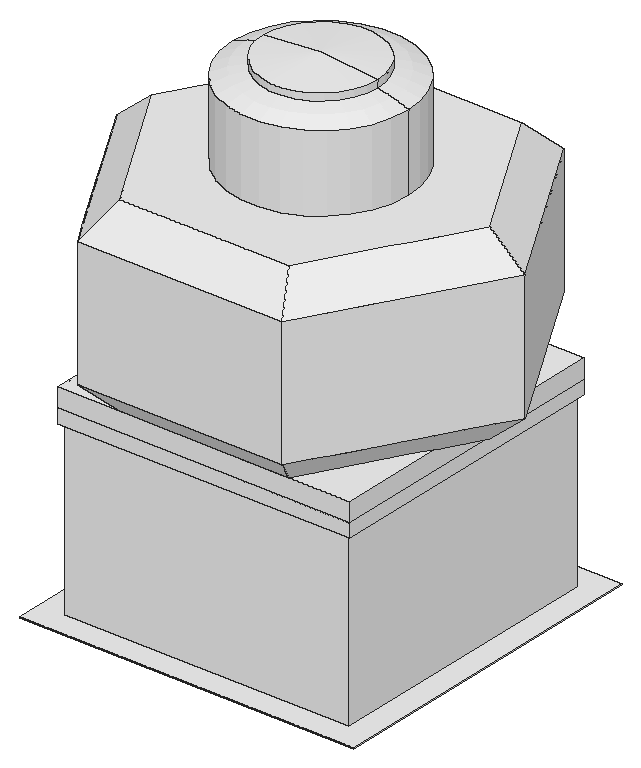
Revit family "HARMANN - MOVO_EX", category Mechanical Equipment, Revit 2022
Family settings
  Round Connector Dimension = Use Diameter
  Part Type = Normal
  OmniClass Number = 23.75.00.00
  OmniClass Title = Climate Control (HVAC)
  Work Plane-Based = No
  Always vertical = Yes
  Cut with Voids When Loaded = No
  Maintain Annotation Orientation = No
  Shared = No
  Room Calculation Point = No
Parameters (values of type "MOVO.S 4-450/6100T EX")
  a Spr [instance] = if(Brak podstawy, 0.00 mm, a)  # 30.00 mm
  a [instance] = 30.00 mm
  Zasilanie natężenie maksymalne Imax = 2.5 A
  Zasilanie napięcie nominalne Unom = 400 V
  Wysokość podstawy dachowej PR Spr [instance] = if(Brak podstawy, a, if(Podstawa dachowa PR, Wysokość podstawy dachowej PR, Wysokość podstawy dachowej PR))  # 400.00 mm
  Wysokość podstawy dachowej PR [instance] = size_lookup(Lookup Table Name, "Wysokość podstawy dachowej PR", 1.00 mm, N1)  # 400.00 mm
  Wysokość SL Spr [instance] = if((Czy Klapa zwrotna SL), Wysokość SL, 0.00 mm)  # 220.00 mm
  Wysokość SL [instance] = size_lookup(Lookup Table Name, "Wysokość SL", 1.00 mm, N1)  # 220.00 mm
  Wysokość EP Spr [instance] = if((Czy Złącze Elastyczne EP), Wysokość EP, 0.00 mm)  # 120.00 mm
  Wysokość EP [instance] = size_lookup(Lookup Table Name, "Wysokość EP", 1.00 mm, N1)  # 120.00 mm
  Wysokość D Spr [instance] = if(Brak podstawy, Wysokość D, if(and((Czy Klapa zwrotna SL), (Czy Złącze Elastyczne EP)), Wysokość D + Wysokość SL Spr + Wysokość EP Spr, if((Czy Klapa zwrotna SL), Wysokość D + Wysokość SL Spr, if(Czy Złącze Elastyczne EP, Wysokość D + Wysokość EP Spr, Wysokość D))))  # 353.50 mm
  Wysokość D [instance] = size_lookup(Lookup Table Name, "Wysokość D", 1.00 mm, N1)  # 13.50 mm
  Wybierz podstawę dachową [instance] = "Wybierz podstawę dachową lub brak podstawy"  # constant formula
  Wybierz Akcesoria [instance] = "Zaznacz wybrane akcesoria tylko dla podstawy dachowej PR"  # constant formula
  Rzeczywista Wartość Przepływu [instance] = Podaj Rzeczywistą Wartość Przepływu  # 0.00 m³/h
  Podstawa B = Podstawa : Podstawa PR
  Podstawa A = Podstawa : Brak podstawy
  Podaj Rzeczywistą Wartość Przepływu [instance] = 0.00 m³/h
  Opc Podstawa Dachowa PR = Podstawa : Podstawa PR
  Opc Brak podstawy = Podstawa : Brak podstawy
  Czy Podstawa Dachowa [instance] = Podstawa : Podstawa PR
  N1 = 1 mm
  Lookup Table Name = "MOVO"
  Czy Klapa zwrotna SL [instance] = yes
  Złożenie domyślne bez akcesoriów [instance] = not(Brak podstawy)  # yes
  Podstawa dachowa PR [instance] = Czy Podstawa Dachowa = Opc Podstawa Dachowa PR  # yes
  Klasa ATEX = "Ex II 2G c IIB T4"
  MOVO S = HARMANN - Akcesoria - MOVO_S EX : MOVO.S 4-450/6100T EX
  Zasilanie Moc maksymalna Pmax = 1100 W
  Zasilanie Ilość faz = 3
  Zasilanie Częstotliwość Nominalna fnom = 50 Hz  # constant formula
  Zasilanie Częstotliwość Minimalna fmin = 30 Hz
  Zasilanie Częstotliwość Maksymalna fmax = 50 Hz
  Powietrze ciśnienie statyczne maksymalne dPmax = 590.0 Pa
  Powietrze Przepływ Maksymalny Qmax = 6100.00 m³/h
  Obroty nominalne nnom = 1410.000 RPM
  Numer artykułu = size_lookup(Lookup Table Name, "Numer artykułu", "n/a", N1)  # "78251993"
  Model = size_lookup(Lookup Table Name, "Model", "n/a", N1)  # "MOVO.S 4-450/6100T EX"
  Moc akustyczna nominalna obudowa Lwa = "84 dB(A)"
  Masa mmax = 86.00 kg
  Masa = 56.00 kg
  Manufacturer = "Harmann Polska Sp. z o.o."  # constant formula
  Temperatura pracy ciągłej maksymalna T = 40 °C
  Description = "Dachowy wentylator z wyrzutem poziomym"  # constant formula
  Default Elevation = 0.00 mm
  DN = 400.00 mm
  Czy Kołnierz D [instance] = 1 = 1  # yes
  Ciśnienie akustyczne nominalne obudowa Lpa = "55 dB(A)"
  Czy Złącze Elastyczne EP [instance] = yes
  Brak podstawy [instance] = Czy Podstawa Dachowa = Opc Brak podstawy  # no
  Autor = "https://www.archispace.com/"
  Akc SL = HARMANN - Akcesoria - SL : SL 400
  Akc PR = HARMANN - Akcesoria - PR : PR 450/400
  Akc EP = HARMANN - Akcesoria - EP : EP 400
  Akc D = HARMANN - Akcesoria - D : D 400s
Types (12, lengths in mm): name | a Spr | a | Zasilanie natężenie maksymalne Imax | Wysokość podstawy dachowej PR Spr | Wysokość podstawy dachowej PR | Wysokość SL Spr | Wysokość SL | Wysokość EP Spr | Wysokość EP | Wysokość D Spr | Wysokość D | N1 | Klasa ATEX | MOVO S | Zasilanie Moc maksymalna Pmax | Powietrze ciśnienie statyczne maksymalne dPmax | Powietrze Przepływ Maksymalny Qmax | Obroty nominalne nnom | Numer artykułu | Model | Moc akustyczna nominalna obudowa Lwa | Masa mmax | Masa | DN | Ciśnienie akustyczne nominalne obudowa Lpa | Akc SL | Akc PR | Akc EP | Akc D
  MOVO.S 4-450/6100T EX | 30.00 | 30.00 | 2.5 A | 400.00 | 400.00 | 220.00 | 220.00 | 120.00 | 120.00 | 353.50 | 13.50 | 1 | "Ex II 2G c IIB T4" | HARMANN - Akcesoria - MOVO_S EX : MOVO.S 4-450/6100T EX | 1100 W | 590.0 Pa | 6100.00 m³/h | 1410.000 RPM | "78251993" | "MOVO.S 4-450/6100T EX" | "84 dB(A)" | 86.00 kg | 56.00 kg | 400.00 | "55 dB(A)" | HARMANN - Akcesoria - SL : SL 400 | HARMANN - Akcesoria - PR : PR 450/400 | HARMANN - Akcesoria - EP : EP 400 | HARMANN - Akcesoria - D : D 400s
  MOVO.S 6-450/4000T EX | 40.00 | 40.00 | 1.2 A | 400.00 | 400.00 | 220.00 | 220.00 | 120.00 | 120.00 | 353.50 | 13.50 | 2 | "Ex II 2G c IIB T5" | HARMANN - Akcesoria - MOVO_S EX : MOVO.S 6-450/4000T EX | 370 W | 260.0 Pa | 4000.00 m³/h | 920.000 RPM | "78251994" | "MOVO.S 6-450/4000T EX" | "75 dB(A)" | 86.00 kg | 56.00 kg | 400.00 | "56 dB(A)" | HARMANN - Akcesoria - SL : SL 400 | HARMANN - Akcesoria - PR : PR 450/400 | HARMANN - Akcesoria - EP : EP 400 | HARMANN - Akcesoria - D : D 400s
  MOVO.S 4-500/8000T EX | 40.00 | 40.00 | 3.5 A | 400.00 | 400.00 | 250.00 | 250.00 | 120.00 | 120.00 | 385.00 | 15.00 | 3 | "Ex II 2G c IIB T6" | HARMANN - Akcesoria - MOVO_S EX : MOVO.S 4-500/8000T EX | 1600 W | 730.0 Pa | 8000.00 m³/h | 1410.000 RPM | "78251995" | "MOVO.S 4-500/8000T EX" | "87 dB(A)" | 115.00 kg | 75.00 kg | 450.00 | "68 dB(A)" | HARMANN - Akcesoria - SL : SL 450 | HARMANN - Akcesoria - PR : PR 500/450 | HARMANN - Akcesoria - EP : EP 450 | HARMANN - Akcesoria - D : D 450s
  MOVO.S 6-500/5400T EX | 40.00 | 40.00 | 1.5 A | 400.00 | 400.00 | 250.00 | 250.00 | 120.00 | 120.00 | 385.00 | 15.00 | 4 | "Ex II 2G c IIB T7" | HARMANN - Akcesoria - MOVO_S EX : MOVO.S 6-500/5400T EX | 550 W | 330.0 Pa | 5400.00 m³/h | 915.000 RPM | "78251996" | "MOVO.S 6-500/5400T EX" | "77 dB(A)" | 115.00 kg | 75.00 kg | 450.00 | "58 dB(A)" | HARMANN - Akcesoria - SL : SL 450 | HARMANN - Akcesoria - PR : PR 500/450 | HARMANN - Akcesoria - EP : EP 450 | HARMANN - Akcesoria - D : D 450s
  MOVO.S 6-560/7900T EX | 40.00 | 40.00 | 3.7 A | 400.00 | 400.00 | 280.00 | 280.00 | 150.00 | 150.00 | 447.00 | 17.00 | 5 | "Ex II 2G c IIB T8" | HARMANN - Akcesoria - MOVO_S EX : MOVO.S 6-560/7900T EX | 1500 W | 440.0 Pa | 7900.00 m³/h | 930.000 RPM | "78251998" | "MOVO.S 6-560/7900T EX" | "81 dB(A)" | 140.00 kg | 100.00 kg | 500.00 | "62 dB(A)" | HARMANN - Akcesoria - SL : SL 560 | HARMANN - Akcesoria - PR : PR 560/500 | HARMANN - Akcesoria - EP : EP 500 | HARMANN - Akcesoria - D : D 500s
  MOVO.S 4-560/11900T EX | 40.00 | 40.00 | 7 A | 400.00 | 400.00 | 280.00 | 280.00 | 150.00 | 150.00 | 447.00 | 17.00 | 6 | "Ex II 2G c IIB T9" | HARMANN - Akcesoria - MOVO_S EX : MOVO.S 4-560/11900T EX | 3200 W | 980.0 Pa | 11900.00 m³/h | 1400.000 RPM | "78251997" | "MOVO.S 4-560/11900T EX" | "90 dB(A)" | 140.00 kg | 100.00 kg | 500.00 | "71 dB(A)" | HARMANN - Akcesoria - SL : SL 500 | HARMANN - Akcesoria - PR : PR 560/500 | HARMANN - Akcesoria - EP : EP 500 | HARMANN - Akcesoria - D : D 500s
  MOVO.S 4-630/17300T EX | 40.00 | 40.00 | 11 A | 400.00 | 400.00 | 310.00 | 310.00 | 150.00 | 150.00 | 479.00 | 19.00 | 7 | "Ex II 2G c IIB T10" | HARMANN - Akcesoria - MOVO_S EX : MOVO.S 4-630/17300T EX | 5500 W | 1210.0 Pa | 17300.00 m³/h | 1440.000 RPM | "78251999" | "MOVO.S 4-630/17300T EX" | "94 dB(A)" | 200.00 kg | 155.00 kg | 560.00 | "75 dB(A)" | HARMANN - Akcesoria - SL : SL 560 | HARMANN - Akcesoria - PR : PR 630/560 | HARMANN - Akcesoria - EP : EP 560 | HARMANN - Akcesoria - D : D 560s
  MOVO.S 6-630/11500T EX | 40.00 | 40.00 | 5.1 A | 400.00 | 400.00 | 310.00 | 310.00 | 150.00 | 150.00 | 479.00 | 19.00 | 8 | "Ex II 2G c IIB T11" | HARMANN - Akcesoria - MOVO_S EX : MOVO.S 6-630/11500T EX | 2200 W | 540.0 Pa | 11500.00 m³/h | 940.000 RPM | "78252000" | "MOVO.S 6-630/11500T EX" | "85 dB(A)" | 200.00 kg | 155.00 kg | 560.00 | "66 dB(A)" | HARMANN - Akcesoria - SL : SL 560 | HARMANN - Akcesoria - PR : PR 630/560 | HARMANN - Akcesoria - EP : EP 560 | HARMANN - Akcesoria - D : D 560s
  MOVO.S 4-710/20800T EX | 40.00 | 40.00 | 14 A | 500.00 | 500.00 | 350.00 | 350.00 | 150.00 | 150.00 | 521.50 | 21.50 | 9 | "Ex II 2G c IIB T12" | HARMANN - Akcesoria - MOVO_S EX : MOVO.S 4-710/20800T EX | 7500 W | 1340.0 Pa | 20800.00 m³/h | 1450.000 RPM | "78252001" | "MOVO.S 4-710/20800T EX" | "97 dB(A)" | 360.00 kg | 270.00 kg | 630.00 | "78 dB(A)" | HARMANN - Akcesoria - SL : SL 630 | HARMANN - Akcesoria - PR : PR 710/630 | HARMANN - Akcesoria - EP : EP 630 | HARMANN - Akcesoria - D : D 630s
  MOVO.S 6-710/14000T EX | 40.00 | 40.00 | 7 A | 500.00 | 500.00 | 350.00 | 350.00 | 150.00 | 150.00 | 521.50 | 21.50 | 10 | "Ex II 2G c IIB T13" | HARMANN - Akcesoria - MOVO_S EX : MOVO.S 6-710/14000T EX | 3000 W | 610.0 Pa | 14000.00 m³/h | 980.000 RPM | "78252002" | "MOVO.S 6-710/14000T EX" | "87 dB(A)" | 350.00 kg | 260.00 kg | 630.00 | "68 dB(A)" | HARMANN - Akcesoria - SL : SL 630 | HARMANN - Akcesoria - PR : PR 710/630 | HARMANN - Akcesoria - EP : EP 630 | HARMANN - Akcesoria - D : D 630s
  MOVO.S 4-800/35000T EX | 40.00 | 40.00 | 29 A | 500.00 | 500.00 | 400.00 | 400.00 | 150.00 | 150.00 | 574.50 | 24.50 | 11 | "Ex II 2G c IIB T14" | HARMANN - Akcesoria - MOVO_S EX : MOVO.S 4-800/35000T EX | 15000 W | 1890.0 Pa | 35000.00 m³/h | 1460.000 RPM | "78252003" | "MOVO.S 4-800/35000T EX" | "101 dB(A)" | 530.00 kg | 420.00 kg | 710.00 | "82 dB(A)" | HARMANN - Akcesoria - SL : SL 710 | HARMANN - Akcesoria - PR : PR 710/630 | HARMANN - Akcesoria - EP : EP 710 | HARMANN - Akcesoria - D : D 710s
  MOVO.S 6-800/22900T EX | 40.00 | 40.00 | 12 A | 500.00 | 500.00 | 400.00 | 400.00 | 150.00 | 150.00 | 574.50 | 24.50 | 12 | "Ex II 2G c IIB T13" | HARMANN - Akcesoria - MOVO_S EX : MOVO.S 6-800/22900T EX | 5500 W | 810.0 Pa | 22900.00 m³/h | 960.000 RPM | "78252004" | "MOVO.S 6-800/22900T EX" | "92 dB(A)" | 480.00 kg | 370.00 kg | 710.00 | "73 dB(A)" | HARMANN - Akcesoria - SL : SL 710 | HARMANN - Akcesoria - PR : PR 800/710 | HARMANN - Akcesoria - EP : EP 710 | HARMANN - Akcesoria - D : D 710s
Reference planes
  plane 1 "Center (Front/Back)": y = 0
  plane 2: z = 0
  plane 3 "Center (Left/Right)": x = 0
  plane 4: z = 400
  plane 5: z = 0
  plane 6: z = 0
  plane 7: z = 180
  plane 8: z = 60
  plane 9: z = 46.5
Dimensions and locks
  "Wysokość podstawy dachowej PR Spr": plane 4 to level
  "Wysokość SL Spr": plane 7 to plane 4
  "Wysokość EP Spr": plane 8 to plane 7
  "Wysokość D Spr": plane 9 to plane 4
  aligned and locked: level to plane 2
  aligned and locked: nested 1 to plane 1 "Center (Front/Back)"
  aligned and locked: plane 3 "Center (Left/Right)" to nested 2
  aligned and locked: plane 1 "Center (Front/Back)" to nested 2
  aligned and locked: plane 3 "Center (Left/Right)" to nested 3
  aligned and locked: plane 1 "Center (Front/Back)" to nested 3
  aligned and locked: plane 7 to nested 2
  aligned and locked: plane 8 to nested 3
  aligned and locked: nested 4 to plane 1 "Center (Front/Back)"
  aligned and locked: nested 4 to plane 3 "Center (Left/Right)"
  aligned and locked: nested 4 to plane 9
  aligned and locked: plane 3 "Center (Left/Right)" to nested 5
  aligned and locked: plane 1 "Center (Front/Back)" to nested 5
  aligned and locked: nested 1 to plane 4
Nested families
  nested 1: "HARMANN - Akcesoria - MOVO_S EX" at (0, 0, 370) x (0, 1, 0) z (0, 0, 1), type <- "MOVO S", type "MOVO.S 4-450/6100T EX"
  nested 2: "HARMANN - Akcesoria - SL" at (0, 0, 180), visible <- "Czy Klapa zwrotna SL", type <- "Akc SL", Vis Komponent <- "Złożenie domyślne bez akcesoriów", type "SL 400"
    with Vis Komponent yes
  nested 3: "HARMANN - Akcesoria - EP" at (0, 0, 60), visible <- "Czy Złącze Elastyczne EP", type <- "Akc EP", Vis Komponent <- "Złożenie domyślne bez akcesoriów", type "EP 400"
    with Vis Komponent yes
  nested 4: "HARMANN - Akcesoria - D" at (0, 0, 60) x (1, 0, 0) z (0, 0, -1), visible <- "Czy Kołnierz D", type <- "Akc D", type "D 400s"
    with Vis Komponent yes
  nested 5: "HARMANN - Akcesoria - PR" at (0, 0, 0), visible <- "Podstawa dachowa PR", type <- "Akc PR", type "PR 450/400"
Connectors
  electrical at (0, 0, 440), driven by "Zasilanie Ilość faz", driven by "Zasilanie napięcie nominalne Unom", driven by "Zasilanie Moc maksymalna Pmax"
    settings: on nested 1, index 2, voltage 400 V, apparent load 1100 VA, apparent load phase1 0 VA, apparent load phase2 0 VA, apparent load phase3 0 VA, power factor 1, load classification "Other", number of poles 3, system type 30, power factor state 1, is connector primary yes, connector utility no, sub classification motor no, connector description ""
  hvac at (0, 0, 60), driven by "DN", driven by "Rzeczywista Wartość Przepływu"
    settings: on nested 4, index 3, duct flow 0.00 m³/h, flow factor 0, pres drop 0.0 Pa, loss coef 0, conn angle 0.00°, conn width 304.8 mm, conn height 304.8 mm, conn diameter 400 mm, duct sys type 29, conn prof type 0, flow config 0, flow direction 1, loss method 0, conn ref index -1, conn util no, is conn primary yes, conn desc ""
Definition of nested family "HARMANN - Akcesoria - MOVO_S EX"
  Parameters (values of type "MOVO.S 4-450/6100T EX")
    r2 = size_lookup(Lookup Table Name, "r2", 1.00 mm, N1)  # 123.50 mm
    r = size_lookup(Lookup Table Name, "r", 1.00 mm, N1)  # 189.50 mm
    i = 30.00 mm
    h = size_lookup(Lookup Table Name, "h", 1.00 mm, N1)  # 66.00 mm
    c = 76.00 mm
    b = size_lookup(Lookup Table Name, "b", 1.00 mm, N1)  # 440.00 mm
    a = size_lookup(Lookup Table Name, "a", 1.00 mm, N1)  # 364.00 mm
    Numer artykułu = size_lookup(Lookup Table Name, "Numer artykułu", "n/a", N1)  # "78251993"
    N1 = 1 mm
    Model = size_lookup(Lookup Table Name, "Model", "n/a", N1)  # "MOVO.S 4-450/6100T EX"
    Manufacturer = "Harmann Polska Sp. z o.o."  # constant formula
    Lookup Table Name = "MOVO S"
    K = size_lookup(Lookup Table Name, "K", 1.00 mm, N1)  # 480.00 mm
    H = size_lookup(Lookup Table Name, "H", 1.00 mm, N1)  # 690.00 mm
    G = size_lookup(Lookup Table Name, "G", 1.00 mm, N1)  # 40.00 mm
    F = size_lookup(Lookup Table Name, "F", 1.00 mm, N1)  # 762.00 mm
    Dk = size_lookup(Lookup Table Name, "Dk", 1.00 mm, N1)  # 438.00 mm
    Default Elevation = 0.00 mm
    E = size_lookup(Lookup Table Name, "E", 1.00 mm, N1)  # 880.00 mm
    B = size_lookup(Lookup Table Name, "B", 1.00 mm, N1)  # 630.00 mm
    Autor = "https://www.archispace.com/"
    D = size_lookup(Lookup Table Name, "D", 1.00 mm, N1)  # 400.00 mm
    710 i 800 = no
    450 500 560 630 = yes
  Types (12, lengths in mm): name | r2 | r | i | h | c | b | a | Numer artykułu | N1 | Model | K | H | G | F | Dk | E | B | D | 710 i 800 | 450 500 560 630
    MOVO.S 4-450/6100T EX | 123.50 | 189.50 | 30.00 | 66.00 | 76.00 | 440.00 | 364.00 | "78251993" | 1 | "MOVO.S 4-450/6100T EX" | 480.00 | 690.00 | 40.00 | 762.00 | 438.00 | 880.00 | 630.00 | 400.00 | no | yes
    MOVO.S 6-450/4000T EX | 123.50 | 189.50 | 30.00 | 66.00 | 76.00 | 440.00 | 364.00 | "78251994" | 2 | "MOVO.S 6-450/4000T EX" | 480.00 | 690.00 | 40.00 | 762.00 | 438.00 | 880.00 | 630.00 | 400.00 | no | yes
    MOVO.S 4-500/8000T EX | 123.50 | 189.50 | 40.00 | 69.50 | 80.00 | 490.00 | 410.50 | "78251995" | 3 | "MOVO.S 4-500/8000T EX" | 530.00 | 730.00 | 40.00 | 849.00 | 487.00 | 980.00 | 710.00 | 450.00 | no | yes
    MOVO.S 6-500/5400T EX | 123.50 | 189.50 | 40.00 | 69.50 | 80.00 | 490.00 | 410.50 | "78251996" | 4 | "MOVO.S 6-500/5400T EX" | 530.00 | 730.00 | 40.00 | 849.00 | 487.00 | 980.00 | 710.00 | 450.00 | no | yes
    MOVO.S 6-560/7900T EX | 123.50 | 217.00 | 40.00 | 75.50 | 88.00 | 550.00 | 462.00 | "78251998" | 5 | "MOVO.S 6-560/7900T EX" | 570.00 | 780.00 | 40.00 | 953.00 | 605.00 | 1100.00 | 800.00 | 500.00 | no | yes
    MOVO.S 4-560/11900T EX | 123.50 | 217.00 | 40.00 | 75.50 | 88.00 | 550.00 | 462.00 | "78251997" | 6 | "MOVO.S 4-560/11900T EX" | 570.00 | 780.00 | 40.00 | 953.00 | 605.00 | 1100.00 | 800.00 | 500.00 | no | yes
    MOVO.S 4-630/17300T EX | 155.00 | 254.50 | 40.00 | 120.00 | 138.50 | 658.00 | 520.00 | "78251999" | 7 | "MOVO.S 4-630/17300T EX" | 785.00 | 960.00 | 40.00 | 1140.00 | 605.00 | 1315.00 | 900.00 | 560.00 | no | yes
    MOVO.S 6-630/11500T EX | 155.00 | 254.50 | 40.00 | 120.00 | 138.00 | 658.00 | 520.00 | "78252000" | 8 | "MOVO.S 6-630/11500T EX" | 785.00 | 960.00 | 40.00 | 1140.00 | 605.00 | 1315.00 | 900.00 | 560.00 | no | yes
    MOVO.S 4-710/20800T EX | 155.00 | 283.50 | 50.00 | 186.00 | 150.00 | 538.50 | 414.00 | "78252001" | 9 | "MOVO.S 4-710/20800T EX" | 845.00 | 1060.00 | 50.00 | 1300.00 | 674.00 | 1300.00 | 1000.00 | 630.00 | yes | no
    MOVO.S 6-710/14000T EX | 155.00 | 283.50 | 50.00 | 186.00 | 150.00 | 538.50 | 414.00 | "78252002" | 10 | "MOVO.S 6-710/14000T EX" | 845.00 | 1060.00 | 50.00 | 1300.00 | 674.00 | 1300.00 | 1000.00 | 630.00 | yes | no
    MOVO.S 4-800/35000T EX | 189.50 | 317.00 | 50.00 | 225.00 | 185.00 | 617.00 | 464.00 | "78252003" | 11 | "MOVO.S 4-800/35000T EX" | 950.00 | 1190.00 | 50.00 | 1490.00 | 751.00 | 1490.00 | 1120.00 | 710.00 | yes | no
    MOVO.S 6-800/22900T EX | 189.50 | 317.00 | 50.00 | 225.00 | 185.00 | 617.00 | 464.00 | "78252004" | 12 | "MOVO.S 6-800/22900T EX" | 950.00 | 1190.00 | 50.00 | 1490.00 | 751.00 | 1490.00 | 1120.00 | 710.00 | yes | no
  Reference planes
    plane 1 "Center (Front/Back)": y = 0
    plane 2: z = 0
    plane 3 "Center (Left/Right)": x = 0
    plane 4: z = 71
    plane 5: x = 315
    plane 6: x = -315
    plane 7: y = 315
    plane 8: y = -315
    plane 9: y = 440
    plane 10: y = -440
    plane 11: x = 381
    plane 12: x = -381
    plane 13: z = 137
    plane 14: z = 480
    plane 15: z = 690
    plane 16: z = 645
    plane 17: x = -182
    plane 18: x = 182
    plane 19: y = 182
    plane 20: y = -182
    plane 21: y = 220
    plane 22: y = -220
    plane 23: x = -220
    plane 24: x = 220
    plane 25: z = 70
    plane 26: z = 414
    plane 27: y = 364
    plane 28: y = -364
    plane 29: z = 30
  Forms (mm)
    Extrusion 1, solid, detail levels medium+fine
      sketch origin (0, 0, 0) x (1, 0, 0) y (0, 1, 0)
        loop
          line (-315, 315) -> (-315, -315) -> (315, -315) -> (315, 315) -> (-315, 315)
      from 30 to 71
    SweptBlend 2, solid, visible <- "710 i 800", detail levels medium+fine
      path origin (0, 0, 0) x (0, 1, 0) y (0, 0, 1)
        loop
          line (0, 137) -> (0, 71)
      profile origin (0, 0, 137) x (1, 0, 0) y (0, 1, 0)
        loop
          line (220, 440) -> (-220, 440) -> (-381, 220) -> (-381, -220) -> (-220, -440) -> (220, -440) -> (381, -220) -> (381, 220) -> (220, 440)
      end profile origin (0, 0, 71) x (1, 0, 0) y (0, 1, 0)
        loop
          line (182, 315) -> (-182, 315) -> (-315, 182) -> (-315, -182) -> (-182, -315) -> (182, -315) -> (315, -182) -> (315, 182) -> (182, 315)
    Sweep 3, solid, visible <- "710 i 800", detail levels medium+fine
      path origin (0, 0, 0) x (0, 1, 0) y (0, 0, 1)
        loop
          line (0, 414) -> (0, 137)
      profile origin (0, 0, 275.5) x (1, 0, 0) y (0, 1, 0)
        loop
          line (220, 440) -> (-220, 440) -> (-381, 220) -> (-381, -220) -> (-220, -440) -> (220, -440) -> (381, -220) -> (381, 220) -> (220, 440)
    Extrusion 4, void
      sketch origin (0, 0, 0) x (1, 0, 0) y (0, 1, 0)
        loop
          line (-314, -314) -> (314, -314) -> (314, 314) -> (-314, 314) -> (-314, -314)
      from -104.556 to 70
    SweptBlend 5, solid, visible <- "450 500 560 630", detail levels medium+fine
      path origin (0, 0, 0) x (0, 1, 0) y (0, 0, 1)
        loop
          line (0, 137) -> (0, 71)
      profile origin (0, 0, 137) x (1, 0, 0) y (0, 1, 0)
        loop
          line (-381, 220) -> (-381, -220) -> (0, -440) -> (381, -220) -> (381, 220) -> (0, 440) -> (-381, 220)
      end profile origin (0, 0, 71) x (1, 0, 0) y (0, 1, 0)
        loop
          line (-315, 182) -> (-315, -182) -> (0, -364) -> (315, -182) -> (315, 182) -> (0, 364) -> (-315, 182)
    Revolve 6, solid, detail levels medium+fine
      sketch origin (0, 0, 0) x (0, 1, 0) y (0, 0, 1)
        loop
          line (0, 690) -> (0, 480) -> (189.5, 480) -> (189.5, 645)
          arc (189.5, 645) -> (157.284, 657.588) -> (123.5, 665) r 221.226
          line (123.5, 665) -> (123.5, 680)
          arc (123.5, 680) -> (61.952, 687.496) -> (0, 690) r 767.613
        axis (0, 690) -> (0, 480)
      angle from 0 to 360
    Sweep 7, solid, visible <- "450 500 560 630", detail levels medium+fine
      path origin (0, 0, 0) x (0, 1, 0) y (0, 0, 1)
        loop
          line (0, 414) -> (0, 137)
      profile origin (0, 0, 275.5) x (1, 0, 0) y (0, 1, 0)
        loop
          line (381, 220) -> (0, 440) -> (-381, 220) -> (-381, -220) -> (0, -440) -> (381, -220) -> (381, 220)
    SweptBlend 8, solid, visible <- "710 i 800", detail levels medium+fine
      path origin (0, 0, 1061.93) x (0, 1, 0) y (0, 0, 1)
        loop
          line (0, -647.93) -> (0, -581.93)
      profile origin (0, 0, 414) x (0, -1, 0) y (1, 0, 0)
        loop
          line (-440, 220) -> (-440, -220) -> (-220, -381) -> (220, -381) -> (440, -220) -> (440, 220) -> (220, 381) -> (-220, 381) -> (-440, 220)
      end profile origin (0, 0, 480) x (0, -1, 0) y (1, 0, 0)
        loop
          line (-364, 182) -> (-364, -182) -> (-182, -315) -> (182, -315) -> (364, -182) -> (364, 182) -> (182, 315) -> (-182, 315) -> (-364, 182)
    SweptBlend 9, solid, visible <- "450 500 560 630", detail levels medium+fine
      path origin (0, 0, 1061.93) x (0, 1, 0) y (0, 0, 1)
        loop
          line (0, -647.93) -> (0, -581.93)
      profile origin (0, 0, 414) x (0, -1, 0) y (1, 0, 0)
        loop
          line (-220, -381) -> (220, -381) -> (440, 0) -> (220, 381) -> (-220, 381) -> (-440, 0) -> (-220, -381)
      end profile origin (0, 0, 480) x (0, -1, 0) y (1, 0, 0)
        loop
          line (-182, -315) -> (182, -315) -> (364, 0) -> (182, 315) -> (-182, 315) -> (-364, 0) -> (-182, -315)
    Extrusion 10, solid, detail levels medium+fine
      sketch origin (0, 0, 0) x (1, 0, 0) y (0, 1, 0)
        loop
          line (-315, 315) -> (-315, -315) -> (315, -315) -> (315, 315) -> (-315, 315)
      from 0 to 30
  Cuts and joins
    Extrusion 4 cuts Extrusion 1
    Extrusion 4 cuts Extrusion 10
  Lines and regions (mm)
    model lines, detail levels coarse
      curve 1: line (0, 0, 137) -> (0, 0, 0)
      curve 2: circle (0, 0, 413.5) r 276.5 normal (1, 0, 0)
      curve 3: line (0, 0, 690) -> (0, 204.132, 227)
      curve 4: line (0, 204.132, 227) -> (0, -204.132, 227)
      curve 5: line (0, 0, 690) -> (0, -204.132, 227)
  Dimensions and locks
    equal spacing: plane 6, plane 3 "Center (Left/Right)", plane 5
    "B": plane 6 to plane 5
    equal spacing: plane 8, plane 1 "Center (Front/Back)", plane 7
    "B": plane 8 to plane 7
    "F": plane 12 to plane 11
    equal spacing: plane 12, plane 3 "Center (Left/Right)", plane 11
    equal spacing: plane 10, plane 1 "Center (Front/Back)", plane 9
    "E": plane 10 to plane 9
    "K": plane 14 to level
    locked: plane 15 to plane 16 at 45
    "H": plane 15 to level
    locked: curve 4 to plane 13 at 90
    locked: Extrusion 4 sketch curve to plane 7 at 1
    locked: plane 6 to Extrusion 4 sketch curve at 1
    locked: Extrusion 4 sketch curve to plane 5 at 1
    locked: plane 8 to Extrusion 4 sketch curve at 1
    equal spacing: plane 17, plane 3 "Center (Left/Right)", plane 18
    "a": plane 17 to plane 18
    equal spacing: plane 20, plane 1 "Center (Front/Back)", plane 19
    "a": plane 20 to plane 19
    "h": plane 13 to plane 4
    equal spacing: plane 22, plane 1 "Center (Front/Back)", plane 21
    "b": plane 22 to plane 21
    equal spacing: plane 23, plane 3 "Center (Left/Right)", plane 24
    "b": plane 23 to plane 24
    locked: plane 4 to plane 25 at 1
    locked: plane 15 to Revolve 6 sketch curve at 10
    "h": plane 14 to plane 26
    "r": Revolve 6 sketch curve to Revolve 6 sketch curve
    "r2": Revolve 6 sketch curve to Revolve 6 sketch curve
    "c": plane 27 to plane 9
    "c": plane 10 to plane 28
    locked: Revolve 6 sketch curve to Revolve 6 sketch curve at 15
    "G": plane 25 to plane 29
    "i": plane 29 to level
    aligned and locked: level to plane 2
    aligned and locked: plane 6 to Extrusion 1 sketch curve
    aligned and locked: plane 7 to Extrusion 1 sketch curve
    aligned and locked: Extrusion 1 sketch curve to plane 5
    aligned and locked: Extrusion 1 sketch curve to plane 8
    aligned and locked: plane 4 to Extrusion 1
    aligned and locked: plane 1 "Center (Front/Back)" to SweptBlend 2 sketch curve
    aligned and locked: plane 4 to SweptBlend 2 sketch curve
    aligned and locked: plane 13 to SweptBlend 2 sketch curve
    aligned and locked: plane 7 to SweptBlend 2 sketch curve
    aligned and locked: plane 8 to SweptBlend 2 sketch curve
    aligned and locked: SweptBlend 2 sketch curve to plane 6
    aligned and locked: SweptBlend 2 sketch curve to plane 5
    aligned and locked: plane 9 to SweptBlend 2 sketch curve
    aligned and locked: plane 12 to SweptBlend 2 sketch curve
    aligned and locked: plane 11 to SweptBlend 2 sketch curve
    aligned and locked: plane 10 to SweptBlend 2 sketch curve
    aligned and locked: plane 1 "Center (Front/Back)" to Sweep 3 sketch curve
    aligned and locked: plane 13 to Sweep 3 sketch curve
    aligned and locked: plane 9 to Sweep 3 sketch curve
    aligned and locked: plane 11 to Sweep 3 sketch curve
    aligned and locked: plane 10 to Sweep 3 sketch curve
    aligned and locked: plane 12 to Sweep 3 sketch curve
    aligned and locked: plane 1 "Center (Front/Back)" to curve 1
    aligned and locked: plane 13 to curve 1
    aligned and locked: plane 2 to curve 1
    aligned and locked: plane 15 to curve 3
    aligned and locked: plane 20 to SweptBlend 2 sketch curve  (x2)
    aligned and locked: plane 19 to SweptBlend 2 sketch curve  (x2)
    aligned and locked: plane 17 to SweptBlend 2 sketch curve  (x2)
    aligned and locked: plane 18 to SweptBlend 2 sketch curve  (x2)
    aligned and locked: plane 25 to Extrusion 4
    aligned and locked: plane 22 to Sweep 3 sketch curve  (x2)
    aligned and locked: plane 23 to Sweep 3 sketch curve  (x2)
    aligned and locked: plane 24 to Sweep 3 sketch curve  (x2)
    aligned and locked: plane 21 to Sweep 3 sketch curve  (x2)
    aligned and locked: plane 23 to SweptBlend 2 sketch curve  (x2)
    aligned and locked: plane 24 to SweptBlend 2 sketch curve  (x2)
    aligned and locked: plane 22 to SweptBlend 2 sketch curve  (x2)
    aligned and locked: plane 21 to SweptBlend 2 sketch curve  (x2)
    aligned and locked: plane 20 to SweptBlend 5 sketch curve  (x2)
    aligned and locked: plane 19 to SweptBlend 5 sketch curve  (x2)
    aligned and locked: plane 21 to SweptBlend 5 sketch curve  (x2)
    aligned and locked: plane 22 to SweptBlend 5 sketch curve  (x2)
    aligned and locked: plane 1 "Center (Front/Back)" to Revolve 6 sketch curve
    aligned and locked: plane 26 to Sweep 3 sketch curve
    aligned and locked: plane 21 to Sweep 7 sketch curve  (x2)
    aligned and locked: plane 22 to Sweep 7 sketch curve  (x2)
    aligned and locked: plane 26 to Sweep 7 sketch curve
    aligned and locked: plane 13 to Sweep 7 sketch curve
    aligned and locked: SweptBlend 8 sketch curve to plane 10
    aligned and locked: SweptBlend 8 sketch curve to plane 12
    aligned and locked: SweptBlend 8 sketch curve to plane 9
    aligned and locked: SweptBlend 8 sketch curve to plane 11
    aligned and locked: plane 23 to SweptBlend 8 sketch curve  (x2)
    aligned and locked: plane 24 to SweptBlend 8 sketch curve  (x2)
    aligned and locked: plane 21 to SweptBlend 8 sketch curve  (x2)
    aligned and locked: plane 22 to SweptBlend 8 sketch curve  (x2)
    aligned and locked: SweptBlend 9 sketch curve to plane 12
    aligned and locked: SweptBlend 9 sketch curve to plane 11
    aligned and locked: plane 21 to SweptBlend 9 sketch curve  (x2)
    aligned and locked: plane 22 to SweptBlend 9 sketch curve  (x2)
    aligned and locked: plane 3 "Center (Left/Right)" to SweptBlend 9 sketch curve  (x4)
    aligned and locked: plane 10 to SweptBlend 9 sketch curve
    aligned and locked: plane 9 to SweptBlend 9 sketch curve
    aligned and locked: SweptBlend 9 sketch curve to plane 6
    aligned and locked: SweptBlend 9 sketch curve to plane 5
    aligned and locked: plane 20 to SweptBlend 9 sketch curve  (x2)
    aligned and locked: plane 19 to SweptBlend 9 sketch curve  (x2)
    aligned and locked: Sweep 7 sketch curve to plane 12
    aligned and locked: Sweep 7 sketch curve to plane 11
    aligned and locked: plane 9 to Sweep 7 sketch curve
    aligned and locked: plane 3 "Center (Left/Right)" to Sweep 7 sketch curve  (x2)
    aligned and locked: plane 10 to Sweep 7 sketch curve
    aligned and locked: SweptBlend 5 sketch curve to plane 6
    aligned and locked: SweptBlend 5 sketch curve to plane 12
    aligned and locked: SweptBlend 5 sketch curve to plane 11
    aligned and locked: plane 10 to SweptBlend 5 sketch curve
    aligned and locked: plane 3 "Center (Left/Right)" to SweptBlend 5 sketch curve  (x4)
    aligned and locked: plane 9 to SweptBlend 5 sketch curve
    aligned and locked: SweptBlend 5 sketch curve to plane 5
    aligned and locked: plane 27 to SweptBlend 9 sketch curve
    aligned and locked: plane 28 to SweptBlend 9 sketch curve
    aligned and locked: plane 28 to SweptBlend 5 sketch curve
    aligned and locked: plane 27 to SweptBlend 5 sketch curve
    aligned and locked: plane 16 to Revolve 6 sketch curve
    aligned and locked: plane 14 to Revolve 6 sketch curve
    aligned and locked: Extrusion 1 to plane 29
    aligned and locked: Extrusion 10 to level
    aligned and locked: plane 29 to Extrusion 10
    aligned and locked: SweptBlend 8 sketch curve to plane 28
    aligned and locked: SweptBlend 8 sketch curve to plane 27
    aligned and locked: SweptBlend 8 sketch curve to plane 5
    aligned and locked: SweptBlend 8 sketch curve to plane 6
    aligned and locked: plane 17 to SweptBlend 8 sketch curve  (x2)
    aligned and locked: plane 18 to SweptBlend 8 sketch curve  (x2)
    aligned and locked: plane 19 to SweptBlend 8 sketch curve  (x2)
    aligned and locked: plane 20 to SweptBlend 8 sketch curve  (x2)
  Automatic sketch dimensions
    curve 3 to plane 1 "Center (Front/Back)" = 0.00 mm
    curve 2 to plane 1 "Center (Front/Back)" = 0.00 mm
    curve 5 to curve 4 = 0.00 mm
    SweptBlend 5 sketch curve to plane 1 "Center (Front/Back)" = 0.00 mm
    SweptBlend 5 sketch curve to plane 4 = 0.00 mm
    SweptBlend 5 sketch curve to plane 13 = 0.00 mm
    Sweep 7 sketch curve to plane 1 "Center (Front/Back)" = 0.00 mm
    SweptBlend 8 sketch curve to plane 1 "Center (Front/Back)" = 0.00 mm
    SweptBlend 8 sketch curve to plane 26 = 0.00 mm
    SweptBlend 8 sketch curve to plane 14 = 0.00 mm
    SweptBlend 9 sketch curve to plane 1 "Center (Front/Back)" = 0.00 mm
    SweptBlend 9 sketch curve to plane 26 = 0.00 mm
    SweptBlend 9 sketch curve to plane 14 = 0.00 mm
    Extrusion 10 sketch curve to plane 6 = 0.00 mm
    Extrusion 10 sketch curve to plane 5 = 0.00 mm
    plane 8 to Extrusion 10 sketch curve = 0.00 mm
    plane 7 to Extrusion 10 sketch curve = 0.00 mm
    Revolve 6 sketch curve to plane 1 "Center (Front/Back)" = 0.00 mm
    Revolve 6 sketch curve to plane 14 = 0.00 mm
    Revolve 6 sketch curve to plane 15 = 0.00 mm
    plane 26 to Revolve 6 sketch curve = 31.869 mm
    plane 15 to Revolve 6 sketch curve = 217.344 mm
Definition of nested family "HARMANN - Akcesoria - SL"
  Parameters (values of type "SL 400")
    Vis Komponent [instance] = yes
    Model = "SL 400"
    Manufacturer = "Harmann Polska Sp. z o.o."  # constant formula
    Description = "Klapa zwrotna"
    Default Elevation = 0.00 mm
    H = 220.00 mm
    D1/2 = D1 + 4.00 mm  # 404.00 mm
    Autor = "https://www.archispace.com/"
    D2 = 464.00 mm
    D1 = 400.00 mm
  Types (6, lengths in mm): name | Model | H | D1/2 | D2 | D1
    SL 400 | "SL 400" | 220.00 | 404.00 | 464.00 | 400.00
    SL 450 | "SL 450" | 250.00 | 454.00 | 513.00 | 450.00
    SL 500 | "SL 500" | 280.00 | 504.00 | 567.00 | 500.00
    SL 560 | "SL 560" | 310.00 | 564.00 | 639.00 | 560.00
    SL 630 | "SL 630" | 350.00 | 634.00 | 708.00 | 630.00
    SL 710 | "SL 710" | 400.00 | 714.00 | 785.00 | 710.00
  Reference planes
    plane 1 "Center (Front/Back)": y = 0
    plane 2: z = 0
    plane 3 "Center (Left/Right)": x = 0
    plane 4: z = 220
    plane 5: z = 217
    plane 6: z = 3
  Forms (mm)
    Extrusion 1, solid, visible <- "Vis Komponent", detail levels medium+fine
      sketch origin (0, 0, 0) x (1, 0, 0) y (0, 1, 0)
        loop
          circle (0, 0) r 200
        loop
          circle (0, 0) r 232
      from 217 to 220
    Extrusion 2, solid, visible <- "Vis Komponent", detail levels medium+fine
      sketch origin (0, 0, 0) x (1, 0, 0) y (0, 1, 0)
        loop
          circle (0, 0) r 202
        loop
          circle (0, 0) r 200
      from 3 to 217
    Extrusion 3, solid, visible <- "Vis Komponent", detail levels medium+fine
      sketch origin (0, 0, 0) x (1, 0, 0) y (0, 1, 0)
        loop
          circle (0, 0) r 200
        loop
          circle (0, 0) r 232
      from 0 to 3
  Lines and regions (mm)
    model lines, detail levels coarse
      curve 1: line (0, 0, 220) -> (0, 0, 0)
  Dimensions and locks
    "H": plane 4 to level
    locked: plane 4 to plane 5 at 3
    locked: plane 6 to level at 3
    "D1": diameter of Extrusion 1 sketch curve
    "D2": diameter of Extrusion 1 sketch curve
    "D1/2": diameter of Extrusion 2 sketch curve
    "D1": diameter of Extrusion 2 sketch curve
    "D1": diameter of Extrusion 3 sketch curve
    "D2": diameter of Extrusion 3 sketch curve
    aligned and locked: level to plane 2
    aligned and locked: plane 4 to Extrusion 1
    aligned and locked: Extrusion 1 to plane 5
    aligned and locked: plane 5 to Extrusion 2
    aligned and locked: plane 6 to Extrusion 3
    aligned and locked: Extrusion 2 to plane 6
    aligned and locked: plane 1 "Center (Front/Back)" to curve 1
    aligned and locked: plane 4 to curve 1
    aligned and locked: level to curve 1
  Automatic sketch dimensions
    Extrusion 1 sketch curve to Extrusion 1 sketch curve = 0.00 mm  (x2)
    plane 1 "Center (Front/Back)" to Extrusion 1 sketch curve = 0.00 mm
    Extrusion 1 sketch curve to plane 3 "Center (Left/Right)" = 0.00 mm
    Extrusion 2 sketch curve to Extrusion 2 sketch curve = 0.00 mm  (x2)
    plane 1 "Center (Front/Back)" to Extrusion 2 sketch curve = 0.00 mm
    Extrusion 2 sketch curve to plane 3 "Center (Left/Right)" = 0.00 mm
    Extrusion 3 sketch curve to Extrusion 3 sketch curve = 0.00 mm  (x2)
    plane 1 "Center (Front/Back)" to Extrusion 3 sketch curve = 0.00 mm
    Extrusion 3 sketch curve to plane 3 "Center (Left/Right)" = 0.00 mm
Definition of nested family "HARMANN - Akcesoria - EP"
  Parameters (values of type "EP 560")
    Vis Komponent [instance] = yes
    Model = "EP 560"
    Manufacturer = "Harmann Polska Sp. z o.o."  # constant formula
    Description = "Klapa zwrotna"
    Default Elevation = 0.00 mm
    H = 150.00 mm
    D1/2 = D1 + 4.00 mm  # 564.00 mm
    Autor = "https://www.archispace.com/"
    D2 = 639.00 mm
    D1 = 560.00 mm
  Types (6, lengths in mm): name | Model | H | D1/2 | D2 | D1
    EP 400 | "EP 400" | 120.00 | 404.00 | 464.00 | 400.00
    EP 450 | "EP 450" | 120.00 | 454.00 | 513.00 | 450.00
    EP 500 | "EP 500" | 150.00 | 504.00 | 567.00 | 500.00
    EP 560 | "EP 560" | 150.00 | 564.00 | 639.00 | 560.00
    EP 630 | "EP 630" | 150.00 | 634.00 | 708.00 | 630.00
    EP 710 | "EP 710" | 150.00 | 714.00 | 785.00 | 710.00
  Reference planes
    plane 1 "Center (Front/Back)": y = 0
    plane 2: z = 0
    plane 3 "Center (Left/Right)": x = 0
    plane 4: z = 150
    plane 5: z = 147
    plane 6: z = 3
  Forms (mm)
    Extrusion 1, solid, visible <- "Vis Komponent", detail levels medium+fine
      sketch origin (0, 0, 0) x (1, 0, 0) y (0, 1, 0)
        loop
          circle (0, 0) r 280
        loop
          circle (0, 0) r 319.5
      from 147 to 150
    Extrusion 2, solid, visible <- "Vis Komponent", detail levels medium+fine
      sketch origin (0, 0, 0) x (1, 0, 0) y (0, 1, 0)
        loop
          circle (0, 0) r 282
        loop
          circle (0, 0) r 280
      from 3 to 147
    Extrusion 3, solid, visible <- "Vis Komponent", detail levels medium+fine
      sketch origin (0, 0, 0) x (1, 0, 0) y (0, 1, 0)
        loop
          circle (0, 0) r 280
        loop
          circle (0, 0) r 319.5
      from 0 to 3
  Lines and regions (mm)
    model lines, detail levels coarse
      curve 1: line (0, 0, 150) -> (0, 0, 0)
  Dimensions and locks
    "H": plane 4 to level
    locked: plane 4 to plane 5 at 3
    locked: plane 6 to level at 3
    "D1": diameter of Extrusion 1 sketch curve
    "D2": diameter of Extrusion 1 sketch curve
    "D1/2": diameter of Extrusion 2 sketch curve
    "D1": diameter of Extrusion 2 sketch curve
    "D1": diameter of Extrusion 3 sketch curve
    "D2": diameter of Extrusion 3 sketch curve
    aligned and locked: level to plane 2
    aligned and locked: plane 4 to Extrusion 1
    aligned and locked: Extrusion 1 to plane 5
    aligned and locked: plane 5 to Extrusion 2
    aligned and locked: plane 6 to Extrusion 3
    aligned and locked: Extrusion 2 to plane 6
    aligned and locked: plane 1 "Center (Front/Back)" to curve 1
    aligned and locked: plane 4 to curve 1
    aligned and locked: level to curve 1
  Automatic sketch dimensions
    Extrusion 1 sketch curve to Extrusion 1 sketch curve = 0.00 mm  (x2)
    plane 1 "Center (Front/Back)" to Extrusion 1 sketch curve = 0.00 mm
    Extrusion 1 sketch curve to plane 3 "Center (Left/Right)" = 0.00 mm
    Extrusion 2 sketch curve to Extrusion 2 sketch curve = 0.00 mm  (x2)
    plane 1 "Center (Front/Back)" to Extrusion 2 sketch curve = 0.00 mm
    Extrusion 2 sketch curve to plane 3 "Center (Left/Right)" = 0.00 mm
    Extrusion 3 sketch curve to Extrusion 3 sketch curve = 0.00 mm  (x2)
    plane 1 "Center (Front/Back)" to Extrusion 3 sketch curve = 0.00 mm
    Extrusion 3 sketch curve to plane 3 "Center (Left/Right)" = 0.00 mm
Definition of nested family "HARMANN - Akcesoria - D"
  Parameters (values of type "D 400s")
    Vis Komponent [instance] = yes
    Model = "D 400s"
    Manufacturer = "Harmann Polska Sp. z o.o."  # constant formula
    H = 13.50 mm
    Description = "Kołnierz"
    Default Elevation = 0.00 mm
    D1/2 = D1 + 4.00 mm  # 404.00 mm
    Autor = "https://www.archispace.com/"
    D2 = 464.00 mm
    D1 = 400.00 mm
  Types (6, lengths in mm): name | Model | H | D1/2 | D2 | D1
    D 400s | "D 400s" | 13.50 | 404.00 | 464.00 | 400.00
    D 450s | "D 450s" | 15.00 | 454.00 | 513.00 | 450.00
    D 500s | "D 500s" | 17.00 | 504.00 | 567.00 | 500.00
    D 560s | "D 560s" | 19.00 | 564.00 | 639.00 | 560.00
    D 630s | "D 630s" | 21.50 | 634.00 | 708.00 | 630.00
    D 710s | "D 710s" | 24.50 | 714.00 | 785.00 | 710.00
  Reference planes
    plane 1 "Center (Front/Back)": y = 0
    plane 2: z = 0
    plane 3 "Center (Left/Right)": x = 0
    plane 4: z = 13.5
    plane 5: z = 2
  Forms (mm)
    Extrusion 1, solid, visible <- "Vis Komponent", detail levels medium+fine
      sketch origin (0, 0, 0) x (1, 0, 0) y (0, 1, 0)
        loop
          circle (0, 0) r 202
        loop
          circle (0, 0) r 200
      from 2 to 13.5
    Extrusion 2, solid, visible <- "Vis Komponent", detail levels medium+fine
      sketch origin (0, 0, 0) x (1, 0, 0) y (0, 1, 0)
        loop
          circle (0, 0) r 200
        loop
          circle (0, 0) r 232
      from 0 to 2
  Lines and regions (mm)
    model lines, detail levels coarse
      curve 1: line (0, 0, 16.5) -> (0, 0, 0)
  Dimensions and locks
    "H": plane 4 to level
    locked: plane 5 to level at 2
    "D1/2": diameter of Extrusion 1 sketch curve
    "D1": diameter of Extrusion 1 sketch curve
    "D1": diameter of Extrusion 2 sketch curve
    "D2": diameter of Extrusion 2 sketch curve
    aligned and locked: level to plane 2
    aligned and locked: plane 4 to Extrusion 1
    aligned and locked: plane 5 to Extrusion 2
    aligned and locked: Extrusion 1 to plane 5
    aligned and locked: plane 1 "Center (Front/Back)" to curve 1
    aligned and locked: level to curve 1
  Automatic sketch dimensions
    plane 4 to curve 1 = 3.00 mm
    Extrusion 1 sketch curve to Extrusion 1 sketch curve = 0.00 mm  (x2)
    plane 1 "Center (Front/Back)" to Extrusion 1 sketch curve = 0.00 mm
    Extrusion 1 sketch curve to plane 3 "Center (Left/Right)" = 0.00 mm
    Extrusion 2 sketch curve to Extrusion 2 sketch curve = 0.00 mm  (x2)
    plane 1 "Center (Front/Back)" to Extrusion 2 sketch curve = 0.00 mm
    Extrusion 2 sketch curve to plane 3 "Center (Left/Right)" = 0.00 mm
Definition of nested family "HARMANN - Akcesoria - PR"
  Parameters (values of type "PR/PP 450/400")
    Model = "PR/PP 450/400"
    Manufacturer = "Harmann Polska Sp. z o.o."  # constant formula
    Visibility Komponent [instance] = yes
    H2 = 400.00 mm
    Default Elevation = 0.00 mm
    C = 720.00 mm
    B = 505.00 mm
    Autor = "https://www.archispace.com/"
    A = 614.00 mm
  Types (6, lengths in mm): name | Model | H2 | C | B | A
    PR/PP 450/400 | "PR/PP 450/400" | 400.00 | 720.00 | 505.00 | 614.00
    PR/PP 500/450 | "PR/PP 500/450" | 400.00 | 800.00 | 585.00 | 694.00
    PR/PP 560/500 | "PR/PP 560/500" | 400.00 | 900.00 | 670.00 | 780.00
    PR/PP 630/560 | "PR/PP 630/560" | 400.00 | 996.00 | 770.00 | 880.00
    PR/PP 710/630 | "PR/PP 710/630" | 500.00 | 1134.00 | 870.00 | 980.00
    PR/PP 800/710 | "PR/PP 800/710" | 500.00 | 1254.00 | 990.00 | 110.00
  Reference planes
    plane 1 "Center (Front/Back)": y = 0
    plane 2: z = 0
    plane 3 "Center (Left/Right)": x = 0
    plane 4: z = 1
    plane 5: x = 360
    plane 6: x = -360
    plane 7: y = 360
    plane 8: y = -360
    plane 9: y = 252.5
    plane 10: y = -252.5
    plane 11: x = 252.5
    plane 12: x = -252.5
    plane 13: z = 400
    plane 14: z = 374
    plane 15: x = -307
    plane 16: x = 307
    plane 17: y = 307
    plane 18: y = -307
  Forms (mm)
    Extrusion 1, solid, detail levels medium+fine
      sketch origin (0, 0, 0) x (1, 0, 0) y (0, 1, 0)
        loop
          line (-360, 360) -> (-360, -360) -> (360, -360) -> (360, 360) -> (-360, 360)
        loop
          line (-252.5, 252.5) -> (-252.5, -252.5) -> (252.5, -252.5) -> (252.5, 252.5) -> (-252.5, 252.5)
      from 0 to 1
    Sweep 2, solid, detail levels medium+fine
      path origin (0, 0, 0) x (0, 1, 0) y (0, 0, 1)
        loop
          line (0, 400) -> (0, 1)
      profile origin (0, 0, 200.5) x (1, 0, 0) y (0, 1, 0)
        loop
          line (252.5, 252.5) -> (-252.5, 252.5) -> (-252.5, -252.5) -> (252.5, -252.5) -> (252.5, 252.5)
        loop
          line (-307, 307) -> (-307, -307) -> (307, -307) -> (307, 307) -> (-307, 307)
  Lines and regions (mm)
    model lines, detail levels coarse
      curve 1: line (0, 0, 400) -> (0, 0, 0)
  Dimensions and locks
    locked: plane 4 to level at 1
    equal spacing: plane 6, plane 3 "Center (Left/Right)", plane 5
    "C": plane 6 to plane 5
    equal spacing: plane 8, plane 1 "Center (Front/Back)", plane 7
    "C": plane 8 to plane 7
    "B": plane 12 to plane 11
    equal spacing: plane 12, plane 3 "Center (Left/Right)", plane 11
    equal spacing: plane 10, plane 1 "Center (Front/Back)", plane 9
    "B": plane 10 to plane 9
    locked: plane 13 to plane 14 at 26
    "H2": plane 13 to level
    equal spacing: plane 15, plane 3 "Center (Left/Right)", plane 16
    "A": plane 15 to plane 16
    equal spacing: plane 18, plane 1 "Center (Front/Back)", plane 17
    "A": plane 18 to plane 17
    aligned and locked: level to plane 2
    aligned and locked: plane 6 to Extrusion 1 sketch curve
    aligned and locked: plane 7 to Extrusion 1 sketch curve
    aligned and locked: Extrusion 1 sketch curve to plane 5
    aligned and locked: Extrusion 1 sketch curve to plane 8
    aligned and locked: plane 4 to Extrusion 1
    aligned and locked: plane 1 "Center (Front/Back)" to Sweep 2 sketch curve
    aligned and locked: plane 9 to Sweep 2 sketch curve
    aligned and locked: plane 11 to Sweep 2 sketch curve
    aligned and locked: plane 10 to Sweep 2 sketch curve
    aligned and locked: plane 12 to Sweep 2 sketch curve
    aligned and locked: plane 15 to Sweep 2 sketch curve
    aligned and locked: plane 17 to Sweep 2 sketch curve
    aligned and locked: plane 16 to Sweep 2 sketch curve
    aligned and locked: plane 18 to Sweep 2 sketch curve
    aligned and locked: plane 4 to Sweep 2 sketch curve
    aligned and locked: plane 13 to Sweep 2 sketch curve
    aligned and locked: plane 1 "Center (Front/Back)" to curve 1
    aligned and locked: plane 13 to curve 1
    aligned and locked: level to curve 1
    aligned and locked: Extrusion 1 sketch curve to plane 12
    aligned and locked: Extrusion 1 sketch curve to plane 9
    aligned and locked: Extrusion 1 sketch curve to plane 11
    aligned and locked: Extrusion 1 sketch curve to plane 10
